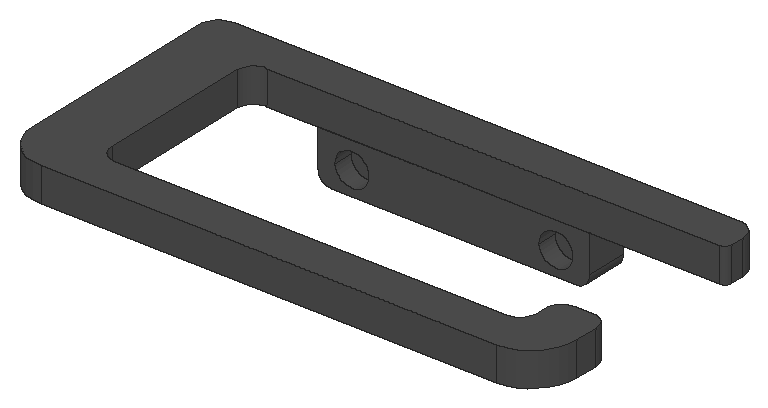
Revit family "Reece_Accessory_Mizu_Soothe_Toilet Roll Holder_Curved", category Plumbing Fixtures, Revit 2018
Family settings
  Round Connector Dimension = Use Diameter
  Part Type = Normal
  Work Plane-Based = Yes
  Always vertical = Yes
  Cut with Voids When Loaded = Yes
  Shared = Yes
  Room Calculation Point = Yes
Parameters (values of type "Matte Black")
  URL = "https://www.reece.com.au/product/-9503884"
  Type Comments = "Accessory"
  Reece_Product_Web Page = "https://www.reece.com.au/product/-9503884"
  Reece_Product_Type = "Accessory"  # constant formula
  Reece_Product_Sub Brand = "Soothe"  # constant formula
  Reece_Product_Number = "9503884"
  Reece_Product_Mount = "Wall Mounted"
  Reece_Product_Description = "Mizu Soothe Toilet Roll Holder Curved Matte Black"
  Reece_Product_Brand = "Mizu"  # constant formula
  Reece_Overall_Width = 160 mm  # constant formula
  Reece_Overall_Height = 25 mm  # constant formula
  Reece_Material_Main = Reece_Brass_Matte Black
  Reece_Height_From_Level [instance] = 600 mm
  Reece_Detail_Shape = ""
  Reece_Detail_Installation = ""
  Reece_Detail_Disclaimer = "THIS FILE IS THE PROPERTY OF THE REECE GROUP. IT MAY NOT BE REPRODUCED, REVERSE-ENGINEERED OR MODIFIED. ANY REPUBLICATION, TRANSMISSION OR DISTRIBUTION FOR THE PURPOSE OF COMMERCIALLY EXPLOITING THE FILES IS PROHIBITED."  # constant formula
  Reece_Detail_Connector = ""
  Reece_Detail_Additional = ""
  Reece_Accessory_Projection = 80 mm  # constant formula
  Model = "Soothe"
  Manufacturer = "Mizu"
  Keynote = "Product #9503884, Reece_Accessory_Mizu_Soothe_Toilet Roll Holder_Curved - Matte Black"
  Disclaimer = "THIS FILE IS THE PROPERTY OF THE REECE GROUP. IT MAY NOT BE REPRODUCED, REVERSE-ENGINEERED OR MODIFIED. ANY REPUBLICATION, TRANSMISSION OR DISTRIBUTION FOR THE PURPOSE OF COMMERCIALLY EXPLOITING THE FILES IS PROHIBITED."  # constant formula
  Description = "Mizu Soothe Toilet Roll Holder Black"
  Default Elevation = 0 mm
Types (2, lengths in mm): name | URL | Reece_Product_Web Page | Reece_Product_Number | Reece_Product_Description | Reece_Material_Main | Keynote | Description
  Matte Black | "https://www.reece.com.au/product/-9503884" | "https://www.reece.com.au/product/-9503884" | "9503884" | "Mizu Soothe Toilet Roll Holder Curved Matte Black" | Reece_Brass_Matte Black | "Product #9503884, Reece_Accessory_Mizu_Soothe_Toilet Roll Holder_Curved - Matte Black" | "Mizu Soothe Toilet Roll Holder Black"
  Chrome | "https://www.reece.com.au/product/-9503860" | "https://www.reece.com.au/product/-9503860" | "9503860" | "Mizu Soothe Toilet Roll Holder Curved Chrome" | Reece_Brass_Chrome | "Product #9503860, Reece_Accessory_Mizu_Soothe_Toilet Roll Holder_Curved - Chrome" | "Mizu Soothe Toilet Roll Holder Chrome"
Reference planes
  plane 1 "Center (Front/Back)": y = 0
  plane 2 "Bottom Host Plane": z = -5
  plane 3 "Center (Left/Right)": x = 0
  plane 4 "Fixing Point": z = 600
  plane 5: x = -80
  plane 6: x = 80
  plane 7: z = 575
  plane 8: y = -80
Forms (mm)
  Extrusion 1, solid, material "Reece_Brass_Matte Black" <- "Reece_Material_Main"
    sketch origin (0, 0, 600) x (0, -1, 0) y (1, 0, 0)
      loop
        line (0, 0) -> (0, -74)
        arc (0, -74) -> (1.757, -78.243) -> (6, -80) r 6
        line (6, -80) -> (67, -80)
        arc (67, -80) -> (76.192, -76.192) -> (80, -67) r 13
        line (80, -67) -> (80, 67)
        arc (80, 67) -> (76.192, 76.192) -> (67, 80) r 13
        line (67, 80) -> (60, 80)
        arc (60, 80) -> (56.464, 78.536) -> (55, 75) r 5
        line (55, 75) -> (55, 70)
        arc (55, 70) -> (56.464, 66.464) -> (60, 65) r 5
        line (60, 65) -> (63, 65)
        arc (63, 65) -> (66.536, 63.536) -> (68, 60) r 5
        line (68, 60) -> (68, -55)
        arc (68, -55) -> (66.536, -58.536) -> (63, -60) r 5
        line (63, -60) -> (17, -60)
        arc (17, -60) -> (13.464, -58.536) -> (12, -55) r 5
        line (12, -55) -> (12, 78)
        arc (12, 78) -> (11.414, 79.414) -> (10, 80) r 2
        line (10, 80) -> (6, 80)
        arc (6, 80) -> (1.757, 78.243) -> (0, 74) r 6
        line (0, 74) -> (0, 0)
    from 0 to -10
  Extrusion 2, solid, material "Reece_Brass_Matte Black" <- "Reece_Material_Main"
    sketch origin (0, 0, 0) x (1, 0, 0) y (0, 0, 1)
      loop
        line (0, 590) -> (-40, 590) -> (-40, 579)
        arc (-40, 579) -> (-38.828, 576.172) -> (-36, 575) r 4
        line (-36, 575) -> (36, 575)
        arc (36, 575) -> (38.828, 576.172) -> (40, 579) r 4
        line (40, 579) -> (40, 590) -> (0, 590)
    from 0 to 12
  Extrusion 3, void
    sketch origin (0, 0, 0) x (1, 0, 0) y (0, 0, 1)
      loop
        circle (-30, 582) r 5
      loop
        circle (30, 582) r 5
    from 6.292 to 12
Cuts and joins
  Extrusion 3 cuts Extrusion 2
Lines and regions (mm)
  model lines, style "InvisibleLines"
    curve 1: line (0, 0, -5) -> (0, 0, 600)
Text (mm)
  text "Reece ©" at (2560.679, -2409.773, 3046.361), in view "Reece Preview"
  text "Reece Copyright © 2018, Reece Ltd." at (-210.503, -262.278, 0), in view "Ref. Level"
Dimensions and locks
  locked: plane 2 "Bottom Host Plane" to level at 5
  "Reece_Height_From_Level": plane 4 "Fixing Point" to level
  "Reece_Overall_Width": plane 5 to plane 6
  "Reece_Overall_Height": plane 4 "Fixing Point" to plane 7
  "Reece_Accessory_Projection": plane 1 "Center (Front/Back)" to plane 8
  "Reece_Overall_Width": Extrusion 1 to plane 6
  "Reece_Accessory_Projection": Extrusion 1 to plane 1 "Center (Front/Back)"
  aligned and locked: plane 4 "Fixing Point" to curve 1
Automatic sketch dimensions
  curve 1 to plane 3 "Center (Left/Right)" = 0 mm
  curve 1 to plane 2 "Bottom Host Plane" = 0 mm
  plane 1 "Center (Front/Back)" to Extrusion 1 sketch curve = 0 mm
  Extrusion 1 sketch curve to plane 3 "Center (Left/Right)" = 0 mm
  plane 1 "Center (Front/Back)" to Extrusion 1 sketch curve = 6 mm  (x2)
  Extrusion 1 sketch curve to Extrusion 1 sketch curve = 4 mm  (x3)
  plane 1 "Center (Front/Back)" to Extrusion 1 sketch curve = 12 mm
  Extrusion 1 sketch curve to Extrusion 1 sketch curve = 5 mm  (x4)
  Extrusion 1 sketch curve to Extrusion 1 sketch curve = 43 mm
  Extrusion 1 sketch curve to Extrusion 1 sketch curve = 46 mm
  Extrusion 1 sketch curve to Extrusion 1 sketch curve = 3 mm
  Extrusion 1 sketch curve to Extrusion 1 sketch curve = 13 mm
  Extrusion 1 sketch curve to plane 3 "Center (Left/Right)" = 55 mm
  Extrusion 1 sketch curve to Extrusion 1 sketch curve = 7 mm
  plane 3 "Center (Left/Right)" to Extrusion 1 sketch curve = 60 mm
  Extrusion 1 sketch curve to Extrusion 1 sketch curve = 2 mm
  Extrusion 1 sketch curve to Extrusion 1 sketch curve = 1 mm
  Extrusion 2 sketch curve to plane 3 "Center (Left/Right)" = 0 mm
  Extrusion 2 sketch curve to plane 3 "Center (Left/Right)" = 36 mm
  Extrusion 2 sketch curve to Extrusion 2 sketch curve = 4 mm  (x2)
  plane 3 "Center (Left/Right)" to Extrusion 2 sketch curve = 36 mm
  plane 4 "Fixing Point" to Extrusion 2 sketch curve = 25 mm
  plane 4 "Fixing Point" to Extrusion 2 sketch curve = 10 mm
  plane 3 "Center (Left/Right)" to Extrusion 3 sketch curve = 30 mm
  plane 4 "Fixing Point" to Extrusion 3 sketch curve = 18 mm  (x2)
  Extrusion 3 sketch curve to plane 3 "Center (Left/Right)" = 30 mm
  radius of Extrusion 3 sketch curve = 5 mm  (x2)
